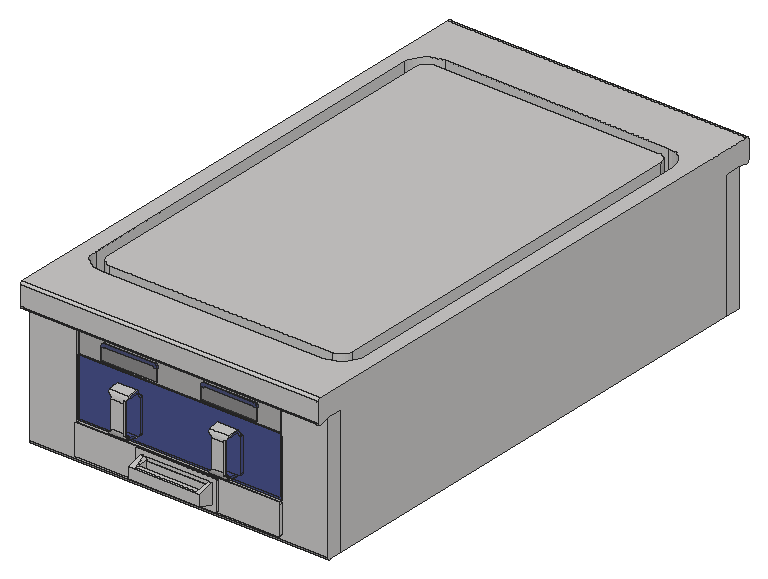
Revit family "QF_ELECTROLUXPROFESSIONAL_589126_MCTAAAEOAO", category Specialty Equipment, Revit 2018
Family settings
  Round Connector Dimension = Use Diameter
  Part Type = Normal
  Work Plane-Based = No
  Always vertical = Yes
  Cut with Voids When Loaded = No
  Shared = No
  Room Calculation Point = No
Parameters
  Weight in Pounds = 165.34
  Watts = 6000 VA  # 6000 W
  Volts = 400 V  # constant formula
  URL Cutsheet = ""
  Type Mark [instance] = ""
  Status [instance] = ""
  Specification by User [instance] = ""
  Specification by Manufacturer = ""
  Show Clearance [instance] = yes
  Serial Number = ""
  Seismic Rating = ""
  SMACNA No = ""
  Revision Code [instance] = ""
  Phase = 3  # constant formula
  Omniclass Number and Title = ""
  Number of Poles [instance] = 1
  NAFEM Spec ID Number = ""
  Model = "589126"
  Min Ckt Ampacity = 0 A
  Max Overcurrent Protection = 0 A
  Masterspec = ""
  Manufacturer = "ELECTROLUX"
  Item Number [instance] = ""
  Installed By [instance] = ""
  Identify Quantity as Lot [instance] = yes
  HP = "8 HP"
  Furnished By [instance] = ""
  Foodservice Equipment Identifier [instance] = yes
  FL Amps [instance] = if(Phase = 3, Watts / (Volts * 1.73), Watts / Volts)  # 8.67052 A
  Electrical Remarks = "400 V/3N ph/50/60 Hz"  # constant formula
  Electric Connection Type [instance] = ""
  Elec Conn RI Height [instance] = 0 mm
  Elec Conn Connection Height [instance] = 0 mm
  Direct Waste Size = 0"
  Description = "EL.FREE COOKING TOP,1-SIDE,500X900X250H"
  Cycle [instance] = if([60 Hertz Option], 60 Hz, 50 Hz)  # 60 Hz
  Conn Plug = ""
  Conn Conduit = yes
  CSI MasterFormat = ""
  CSI Master Format = ""
  Back Panel [instance] = yes
  Apparent Power [instance] = if(Phase = 3, Volts * FL Amps * 1.73, Volts * FL Amps)  # 6000 VA
  60 Hertz Option [instance] = not([50 Hertz Option])  # yes
  50 Hertz Option [instance] = no
Reference planes
  plane 1 "BACK": y = 0
  plane 2: z = 0
  plane 3 "LEFT": x = 0
  plane 4 "RIGHT": x = 500
  plane 5 "FRONT": y = -900
  plane 6 "TOP": z = 250
  plane 7: x = 250
  plane 8: y = -450
  plane 9: y = -1330
  plane 10: x = 455
Forms (mm)
  Extrusion 1, solid, material "QF_Finishes_Stainless Steel"
    sketch origin (0, -487.128, 0) x (0, 1, 0) y (0, 0, 1)
      loop
        line (483.128, 250) -> (-408.872, 250)
        arc (-408.872, 250) -> (-411.7, 248.828) -> (-412.872, 246) r 4
        line (-412.872, 246) -> (-412.872, 214)
        arc (-412.872, 214) -> (-411.437, 210.931) -> (-408.161, 210.064) r 4
        line (-408.161, 210.064) -> (-392.872, 213) -> (-367.872, 213) -> (-367.872, 0) -> (441.128, 0) -> (441.128, 213) -> (465.765, 213) -> (482.433, 210.061)
        arc (482.433, 210.061) -> (485.699, 210.936) -> (487.128, 214) r 4
        line (487.128, 214) -> (487.128, 246)
        arc (487.128, 246) -> (485.956, 248.828) -> (483.128, 250) r 4
    from 0 to 500
  Extrusion 2, solid, material "QF_Finishes_Stainless Steel", visible <- "Back Panel"
    sketch origin (0, 0, 0) x (0, 1, 0) y (0, 0, 1)
      loop
        line (-46, 0) -> (-20, 0) -> (-20, 213) -> (-46, 213) -> (-46, 0)
    from 0 to 500
  Extrusion 3, void
    sketch origin (653.786, 44.048, 250) x (1, 0, 0) y (0, -1, 0)
      loop
        line (-590.636, 133.048) -> (-216.936, 133.048)
        arc (-216.936, 133.048) -> (-189.96, 144.222) -> (-178.786, 171.198) r 38.15
        line (-178.786, 171.198) -> (-178.786, 816.572)
        arc (-178.786, 816.572) -> (-190.056, 843.779) -> (-217.263, 855.048) r 38.476
        line (-217.263, 855.048) -> (-591.786, 855.048)
        arc (-591.786, 855.048) -> (-617.949, 844.211) -> (-628.786, 818.048) r 37
        line (-628.786, 818.048) -> (-628.786, 171.198)
        arc (-628.786, 171.198) -> (-617.613, 144.222) -> (-590.636, 133.048) r 38.15
    from 0 to 37
  Extrusion 4, solid, material "QF_Finishes_Stainless Steel"
    sketch origin (0, -854, 0) x (1, 0, 0) y (0, -1, 0)
      loop
        circle (455, -169) r 6.35
    from 0 to 3.2
  Extrusion 5, solid, material "QF_Door-Drawer Clearances", visible <- "Show Clearance", detail levels coarse
    sketch origin (287.31, -882.593, 8.62) x (0, 0, 1) y (-1, 0, 0)
      loop
        line (1.973, -134.295) -> (49.317, -134.295)
        arc (49.317, -134.295) -> (50.776, -133.691) -> (51.38, -132.232) r 2.063
        line (51.38, -132.232) -> (51.38, 206.852)
        arc (51.38, 206.852) -> (50.88, 208.549) -> (49.541, 209.705) r 3.133
        line (49.541, 209.705) -> (3.067, 209.705)
        arc (3.067, 209.705) -> (0.898, 208.807) -> (0, 206.638) r 3.067
        line (0, 206.638) -> (0, -132.322)
        arc (0, -132.322) -> (0.578, -133.717) -> (1.973, -134.295) r 1.973
    from 0 to 447.407
  Extrusion 6, solid, material "QF_Finishes_Stainless Steel"
    sketch origin (653.786, 44.048, 213) x (1, 0, 0) y (0, 1, 0)
      loop
        line (-608.786, -171.198) -> (-608.786, -816.898)
        arc (-608.786, -816.898) -> (-603.47, -829.732) -> (-590.636, -835.048) r 18.15
        line (-590.636, -835.048) -> (-216.936, -835.048)
        arc (-216.936, -835.048) -> (-204.102, -829.732) -> (-198.786, -816.898) r 18.15
        line (-198.786, -816.898) -> (-198.786, -171.198)
        arc (-198.786, -171.198) -> (-204.102, -158.364) -> (-216.936, -153.048) r 18.15
        line (-216.936, -153.048) -> (-590.636, -153.048)
        arc (-590.636, -153.048) -> (-603.47, -158.364) -> (-608.786, -171.198) r 18.15
    from 0 to 37
Cuts and joins
  Extrusion 3 cuts Extrusion 1
Lines and regions (mm)
  symbolic lines
    curve 1: line (25, -774, 0) -> (25, -127.15, 0)
    curve 2: arc (25, -127.15, 0) -> (36.174, -100.174, 0) -> (63.15, -89, 0) r 38.15
    curve 3: line (63.15, -89, 0) -> (436.85, -89, 0)
    curve 4: arc (436.85, -89, 0) -> (463.826, -100.174, 0) -> (475, -127.15, 0) r 38.15
    curve 5: line (475, -127.15, 0) -> (475, -772.524, 0)
    curve 6: arc (475, -772.524, 0) -> (463.731, -799.731, 0) -> (436.524, -811, 0) r 38.476
    curve 7: line (436.524, -811, 0) -> (62, -811, 0)
    curve 8: arc (62, -811, 0) -> (35.837, -800.163, 0) -> (25, -774, 0) r 37
    curve 9: line (0, 0, 0) -> (500, 0, 0)
    curve 10: line (0, -900, 0) -> (0, 0, 0)
    curve 11: line (500, -900, 0) -> (0, -900, 0)
    curve 12: line (500, 0, 0) -> (500, -900, 0)
  symbolic lines, style "QF_Door-Drawer Clearances"
    curve 13: line (77.605, -1330, 0) -> (77.605, -900, 0)
    curve 14: line (77.605, -1330, 0) -> (421.605, -1330, 0)
    curve 15: line (421.605, -1330, 0) -> (421.605, -900, 0)
  symbolic lines, style "SpecialityEquipment"
    curve 16: line (455, -772.85, 0) -> (455, -127.15, 0)
    curve 17: arc (455, -127.15, 0) -> (449.684, -114.316, 0) -> (436.85, -109, 0) r 18.15
    curve 18: line (436.85, -109, 0) -> (63.15, -109, 0)
    curve 19: arc (63.15, -109, 0) -> (50.316, -114.316, 0) -> (45, -127.15, 0) r 18.15
    curve 20: line (45, -127.15, 0) -> (45, -772.85, 0)
    curve 21: arc (45, -772.85, 0) -> (50.316, -785.684, 0) -> (63.15, -791, 0) r 18.15
    curve 22: line (63.15, -791, 0) -> (436.85, -791, 0)
    curve 23: arc (436.85, -791, 0) -> (449.684, -785.684, 0) -> (455, -772.85, 0) r 18.15
Dimensions and locks
  plane 3 "LEFT" to plane 4 "RIGHT" = 500 mm
  plane 5 "FRONT" to plane 1 "BACK" = 900 mm
  equal spacing: plane 3 "LEFT", plane 7, plane 4 "RIGHT"
  equal spacing: plane 5 "FRONT", plane 8, plane 1 "BACK"
  plane 6 "TOP" to level = 250 mm  (x2)
  plane 1 "BACK" to plane 5 "FRONT" = 900 mm
  Extrusion 4 sketch curve to plane 1 "BACK" = 685 mm
  Extrusion 4 sketch curve to plane 4 "RIGHT" = 45 mm
  plane 5 "FRONT" to plane 9 = 430 mm
  plane 1 "BACK" to Extrusion 4 = 685 mm
  plane 10 to plane 4 "RIGHT" = 45 mm
  aligned and locked: level to plane 2
  aligned and locked: plane 7 to nested 1
  aligned and locked: Extrusion 5 to plane 9
  aligned and locked: Extrusion 1 to plane 4 "RIGHT"
Automatic sketch dimensions
  Extrusion 2 sketch curve to Extrusion 2 sketch curve = 26 mm
  plane 1 "BACK" to Extrusion 2 sketch curve = 20 mm
  Extrusion 1 sketch curve to plane 5 "FRONT" = 0 mm
  Extrusion 1 sketch curve to plane 6 "TOP" = 0 mm
  Extrusion 1 sketch curve to level = 0 mm
  Extrusion 1 sketch curve to plane 1 "BACK" = 0 mm
  Extrusion 1 sketch curve to plane 6 "TOP" = 37 mm  (x2)
  Extrusion 1 sketch curve to plane 5 "FRONT" = 4 mm
  Extrusion 1 sketch curve to plane 5 "FRONT" = 20 mm
  Extrusion 1 sketch curve to plane 5 "FRONT" = 45 mm
  plane 1 "BACK" to Extrusion 1 sketch curve = 21.363 mm
  plane 1 "BACK" to Extrusion 1 sketch curve = 4 mm  (x2)
  Extrusion 1 sketch curve to Extrusion 1 sketch curve = 4 mm
  Extrusion 1 sketch curve to Extrusion 1 sketch curve = 0.711 mm
  plane 1 "BACK" to Extrusion 1 sketch curve = 4.695 mm
  Extrusion 1 sketch curve to Extrusion 1 sketch curve = 0 mm  (x2)
  Extrusion 1 sketch curve to Extrusion 1 sketch curve = 1 mm  (x2)
  plane 1 "BACK" to Extrusion 1 sketch curve = 46 mm
  Extrusion 5 sketch curve to nested 1 = 1.973 mm
  Extrusion 5 sketch curve to nested 1 = 2.853 mm
  Extrusion 5 sketch curve to nested 1 = 1.839 mm
  Extrusion 1 to Extrusion 3 sketch curve = 25 mm  (x2)
  Extrusion 1 to Extrusion 3 sketch curve = 85 mm
  Extrusion 3 sketch curve to Extrusion 3 sketch curve = 37 mm
  Extrusion 3 sketch curve to Extrusion 3 sketch curve = 38.15 mm
  Extrusion 1 to Extrusion 3 sketch curve = 63.476 mm
  Extrusion 1 to Extrusion 3 sketch curve = 63.15 mm
  Extrusion 1 to Extrusion 3 sketch curve = 123.15 mm
  Extrusion 6 sketch curve to Extrusion 3 = 20 mm  (x3)
  Extrusion 6 sketch curve to Extrusion 3 = 38.15 mm  (x5)
  curve 2 to curve 19 = 0 mm  (x2)
  curve 4 to curve 17 = 0 mm  (x2)
  plane 1 "BACK" to curve 9 = 0 mm
  curve 9 to plane 4 "RIGHT" = 0 mm
  curve 14 to plane 9 = 0 mm
  curve 10 to plane 3 "LEFT" = 0 mm
  plane 5 "FRONT" to curve 10 = 0 mm
  plane 4 "RIGHT" to curve 5 = 25 mm
  curve 4 to curve 16 = 20 mm
  curve 16 to curve 18 = 18.15 mm
  curve 16 to curve 22 = 18.15 mm
  curve 23 to curve 7 = 0.326 mm
  plane 4 "RIGHT" to curve 14 = 78.395 mm
  plane 3 "LEFT" to curve 3 = 63.15 mm
  plane 3 "LEFT" to curve 22 = 63.15 mm
  curve 21 to curve 7 = 1.15 mm
  curve 2 to curve 20 = 18.15 mm
  plane 3 "LEFT" to curve 14 = 77.605 mm
  plane 1 "BACK" to curve 3 = 89 mm
  curve 5 to plane 5 "FRONT" = 127.476 mm
  curve 20 to curve 8 = 1.15 mm
  Extrusion 2 sketch curve to level = 0 mm
  Extrusion 2 sketch curve to plane 6 "TOP" = 37 mm
  radius of Extrusion 4 sketch curve = 6.35 mm
  radius of Extrusion 5 sketch curve to nested 1 = 0 mm  (x2)
Nested families
  nested 1: "EG_900_500_Double Front Panel with Center Grease Trap" at (202.376, -855, -650), type "EG_900_500_Double Front Panel with Center Grease Trap"
Connectors
  electrical at (455, -685, -3.2), driven by "Volts", driven by "Watts"
    settings: on Extrusion 4, index 1, voltage 400 V, apparent load 6000 VA, apparent load phase1 0 VA, apparent load phase2 0 VA, apparent load phase3 0 VA, power factor 1, load classification "Other", number of poles 1, system type 30, power factor state 1, is connector primary yes, connector utility no, sub classification motor no, connector description "ELECTRICAL CONNECTION"
Definition of nested family "EG_900_500_Double Front Panel with Center Grease Trap"
  Reference planes
    plane 1 "Center (Front/Back)": y = 0
    plane 2: z = 0
    plane 3 "Center (Left/Right)": x = 47.624
    plane 4: x = -202.376
    plane 5: x = 297.624
    plane 6: y = -45
  Forms (mm)
    Extrusion 1, solid
      sketch origin (833.217, 829.203, -1.25) x (0, 1, 0) y (0, 0, 1)
        loop
          arc (-854.203, 654.25) -> (-853.324, 652.129) -> (-851.203, 651.25) r 3
          line (-851.203, 651.25) -> (-829.203, 651.25) -> (-829.203, 864.25) -> (-854.203, 864.25) -> (-854.203, 654.25)
      from -1035.593 to -535.593
    Extrusion 2, void
      sketch origin (33.217, 829.203, -1.25) x (1, 0, 0) y (0, 0, 1)
        loop
          line (-157.593, 855.116) -> (-157.593, 713.116) -> (186.407, 713.116) -> (186.407, 855.116) -> (-157.593, 855.116)
      from 848.59 to 854.203
  Cuts and joins
    Extrusion 2 cuts Extrusion 1
  Dimensions and locks
    equal spacing: plane 5, plane 3 "Center (Left/Right)", plane 4
    plane 5 to plane 4 = 500 mm
    equal spacing: nested 4, nested 2, nested 1
    aligned and locked: cut or joined group of Extrusion 1, Extrusion 2 to plane 4
    aligned and locked: plane 5 to cut or joined group of Extrusion 1, Extrusion 2
    aligned and locked: plane 3 "Center (Left/Right)" to nested 2
    aligned and locked: cut or joined group of Extrusion 1, Extrusion 2 to nested 2
    aligned and locked: plane 3 "Center (Left/Right)" to nested 3
  Automatic sketch dimensions
    Extrusion 1 sketch curve to plane 1 "Center (Front/Back)" = 0 mm
    plane 1 "Center (Front/Back)" to Extrusion 1 sketch curve = 22 mm
    Extrusion 1 sketch curve to Extrusion 1 sketch curve = 3 mm
    level to Extrusion 1 sketch curve = 650 mm
    Extrusion 1 sketch curve to Extrusion 1 sketch curve = 210 mm
    plane 4 to Extrusion 2 sketch curve = 78 mm
    Extrusion 2 sketch curve to plane 5 = 78 mm
    level to Extrusion 2 sketch curve = 711.866 mm
    Extrusion 2 sketch curve to Extrusion 2 sketch curve = 142 mm
  Nested families
    nested 1: "Range Control Handle" at (-36.126, -28.137, -209.113) x (-1, 0, 0) z (0, 0, 1), type "Range Control Handle"
    nested 2: "glass conrol panel" at (47.624, 280.644, 2.752), type "glass conrol panel"
    nested 3: "grease trap door" at (115.223, -25, 0.608) x (-1, 0, 0) z (0, 0, 1), type "grease trap door"
    nested 4: "Range Control Handle" at (131.374, -28.137, -209.113), type "Range Control Handle"
  Definition of nested family "Range Control Handle"
    Reference planes
      plane 1 "Center (Front/Back)": y = 0
      plane 2: z = 0
      plane 3 "Center (Left/Right)": x = 0
      plane 4: z = 971.092
      plane 5: y = -16.9
    Forms (mm)
      Extrusion 1, solid
        sketch origin (-746.28, 380.497, 208.931) x (-1, 0, 0) y (0, 0, 1)
          loop
            line (-770.101, 786.798) -> (-770.101, 731.649)
            arc (-770.101, 731.649) -> (-769.759, 730.563) -> (-768.855, 729.87) r 1.893
            line (-768.855, 729.87) -> (-763.474, 727.911) -> (-729.81, 727.911) -> (-724.428, 729.87)
            arc (-724.428, 729.87) -> (-723.525, 730.563) -> (-723.183, 731.649) r 1.893
            line (-723.183, 731.649) -> (-723.183, 786.798)
            arc (-723.183, 786.798) -> (-723.529, 787.894) -> (-724.44, 788.593) r 1.91
            line (-724.44, 788.593) -> (-729.683, 790.819) -> (-763.601, 790.819) -> (-768.844, 788.593)
            arc (-768.844, 788.593) -> (-769.755, 787.894) -> (-770.101, 786.798) r 1.91
        from -382.35 to -378.852
      Sweep 2, solid
        path origin (-746.788, 380.496, 208.091) x (0, -1, 0) y (0, 0, 1)
          loop
            line (379.775, 793.281) -> (395.661, 791.048)
            arc (395.661, 791.048) -> (397.781, 787.377) -> (398.517, 783.202) r 12.207
            line (398.517, 783.202) -> (398.517, 737.368)
            arc (398.517, 737.368) -> (397.781, 733.193) -> (395.661, 729.522) r 12.207
            line (395.661, 729.522) -> (379.775, 727.289)
        profile origin (-746.788, -7.222, 1000.256) x (0, -0.139173, 0.990268) y (-1, 0, 0)
          loop
            line (0.782, -763.123) -> (0.782, -730.907) -> (-1.322, -730.907) -> (-1.322, -763.123) -> (0.782, -763.123)
      Sweep 3, solid
        path origin (-746.788, 380.715, 207.832) x (0, -1, 0) y (0, 0, 1)
          loop
            line (380.478, 795.442) -> (397.218, 793.09)
            arc (397.218, 793.09) -> (399.929, 788.473) -> (400.871, 783.202) r 15.207
            line (400.871, 783.202) -> (400.871, 737.584)
            arc (400.871, 737.584) -> (399.914, 732.274) -> (397.164, 727.633) r 15.207
            line (397.164, 727.633) -> (380.601, 725.305)
        profile origin (-746.788, -8.132, 1002.099) x (0, -0.139173, 0.990268) y (-1, 0, 0)
          loop
            line (0.782, -763.123) -> (0.782, -730.907) -> (-1.322, -730.907) -> (-1.322, -763.123) -> (0.782, -763.123)
      Extrusion 4, void
        sketch origin (889.253, 220.666, 207.993) x (1, 0, 0) y (0, 0, 1)
          loop
            line (-943.038, 816.854) -> (-943.038, 703.686) -> (-899.466, 734.196) -> (-899.466, 786.344) -> (-943.038, 816.854)
        from 230.636 to 242.25
      Extrusion 5, void
        sketch origin (-888.8, 220.666, 207.993) x (-1, 0, 0) y (0, 0, -1)
          loop
            line (-943.038, -816.854) -> (-899.466, -786.344) -> (-899.466, -734.196) -> (-943.038, -703.686) -> (-943.038, -816.854)
        from 230.636 to 242.25
      Extrusion 6, solid
        sketch origin (0, 0, 0) x (1, 0, 0) y (0, 0, 1)
          loop
            circle (0, 971.092) r 7.736
        from -3.137 to -1.645
    Cuts and joins
      Extrusion 4, Extrusion 5 cuts Sweep 3
      Extrusion 4, Extrusion 5 cuts Sweep 2
      joined: Extrusion 1, Extrusion 6
    Lines and regions (mm)
      symbolic lines
        curve 1: line (16.334, -16.9, 0) -> (16.334, -19.227, 0)
        curve 2: spline (16.334, -19.227, 0) -> (15.87, -19.385, 0) -> (15.404, -19.536, 0) -> (14.936, -19.678, 0) -> (14.466, -19.813, 0) -> (13.995, -19.94, 0) -> (13.523, -20.059, 0) -> (13.049, -20.171, 0) -> (12.575, -20.274, 0) -> (12.099, -20.37, 0) -> (11.622, -20.458, 0) -> (11.144, -20.537, 0) -> (10.666, -20.609, 0)
        curve 3: line (10.666, -16.9, 0) -> (10.666, -20.938, 0)
        curve 4: line (-10.213, -20.938, 0) -> (10.666, -20.938, 0)
        curve 5: line (-10.213, -20.938, 0) -> (-10.213, -16.9, 0)
        curve 6: spline (-10.213, -20.609, 0) -> (-10.691, -20.537, 0) -> (-11.169, -20.458, 0) -> (-11.646, -20.37, 0) -> (-12.122, -20.274, 0) -> (-12.597, -20.171, 0) -> (-13.07, -20.059, 0) -> (-13.542, -19.94, 0) -> (-14.013, -19.813, 0) -> (-14.483, -19.678, 0) -> (-14.951, -19.536, 0) -> (-15.417, -19.385, 0) -> (-15.881, -19.227, 0)
        curve 7: line (-15.881, -19.227, 0) -> (-15.881, -16.9, 0)
  Definition of nested family "glass conrol panel"
    Reference planes
      plane 1 "Center (Front/Back)": y = 0
      plane 2: z = 0
      plane 3 "Center (Left/Right)": x = 0
    Forms (mm)
      Extrusion 1, solid
        sketch origin (378.286, 0, 0.617) x (1, 0, 0) y (0, 0, 1)
          loop
            line (-550.286, 806.791) -> (-550.286, 708.497) -> (-206.286, 708.497) -> (-206.286, 806.791) -> (-550.286, 806.791)
        from 300.031 to 304.8
      Extrusion 2, solid
        sketch origin (378.286, 0, 0.617) x (1, 0, 0) y (0, 0, 1)
          loop
            line (-550.286, 850.497) -> (-550.286, 806.791) -> (-206.286, 806.791) -> (-206.286, 850.497) -> (-550.286, 850.497)
        from 300.031 to 304.8
      Extrusion 3, void
        sketch origin (378.286, 0, 0.617) x (1, 0, 0) y (0, 0, 1)
          loop
            line (-547.628, 847.565) -> (-547.628, 710.699) -> (-209.196, 710.699) -> (-209.196, 847.565) -> (-547.628, 847.565)
        from 303.697 to 304.8
      Extrusion 4, solid
        sketch origin (-392.059, 1.101, -0.633) x (-1, 0, 0) y (0, 0, -1)
          loop
            line (-261.431, -812.62) -> (-355.186, -812.62) -> (-355.186, -834.177) -> (-350.269, -834.177) -> (-348.469, -835.977) -> (-268.039, -835.977) -> (-266.24, -834.177) -> (-261.431, -834.177) -> (-261.431, -812.62)
        from 304.798 to 306.745
      Extrusion 5, solid
        sketch origin (-392.059, 1.101, -0.633) x (-1, 0, 0) y (0, 0, -1)
          loop
            line (-350.269, -834.177) -> (-355.078, -834.177)
            arc (-355.078, -834.177) -> (-353.942, -838.747) -> (-349.686, -840.763) r 5.5
            line (-349.686, -840.763) -> (-266.98, -840.763)
            arc (-266.98, -840.763) -> (-262.706, -838.752) -> (-261.529, -834.177) r 5.549
            line (-261.529, -834.177) -> (-266.24, -834.177) -> (-268.039, -835.977) -> (-348.469, -835.977) -> (-350.269, -834.177)
        from 304.798 to 306.745
      Extrusion 6, solid
        sketch origin (392.059, 1.101, -0.633) x (1, 0, 0) y (0, 0, 1)
          loop
            line (-261.431, 812.62) -> (-261.431, 834.177) -> (-266.24, 834.177) -> (-268.039, 835.977) -> (-348.469, 835.977) -> (-350.269, 834.177) -> (-355.186, 834.177) -> (-355.186, 812.62) -> (-261.431, 812.62)
        from 304.798 to 306.745
      Extrusion 7, solid
        sketch origin (392.059, 1.101, -0.633) x (1, 0, 0) y (0, 0, 1)
          loop
            line (-350.269, 834.177) -> (-348.469, 835.977) -> (-268.039, 835.977) -> (-266.24, 834.177) -> (-261.529, 834.177)
            arc (-261.529, 834.177) -> (-262.706, 838.752) -> (-266.98, 840.763) r 5.549
            line (-266.98, 840.763) -> (-349.686, 840.763)
            arc (-349.686, 840.763) -> (-353.942, 838.747) -> (-355.078, 834.177) r 5.5
            line (-355.078, 834.177) -> (-350.269, 834.177)
        from 304.798 to 306.745
    Cuts and joins
      Extrusion 3 cuts Extrusion 1
      Extrusion 3 cuts Extrusion 2
    Dimensions and locks
      aligned and locked: Extrusion 1 to Extrusion 2
      aligned and locked: Extrusion 5 sketch curve to Extrusion 4  (x5)
      aligned and locked: Extrusion 5 to Extrusion 4
      aligned and locked: Extrusion 7 sketch curve to Extrusion 6  (x4)
      aligned and locked: Extrusion 6 to Extrusion 7 sketch curve
      aligned and locked: Extrusion 7 to Extrusion 6
  Definition of nested family "grease trap door"
    Reference planes
      plane 1 "Center (Front/Back)": y = 0
      plane 2: z = 0
      plane 3 "Center (Left/Right)": x = 0
      plane 4: y = -20
    Forms (mm)
      Extrusion 1, solid
        sketch origin (1627.55, 854.203, -1.25) x (1, 0, 0) y (0, 0, 1)
          loop
            arc (-1627.55, 661.235) -> (-1626.972, 659.84) -> (-1625.577, 659.262) r 1.973
            line (-1625.577, 659.262) -> (-1494.325, 659.262)
            arc (-1494.325, 659.262) -> (-1492.156, 660.16) -> (-1491.258, 662.329) r 3.067
            line (-1491.258, 662.329) -> (-1491.258, 708.803)
            arc (-1491.258, 708.803) -> (-1492.414, 710.143) -> (-1494.111, 710.642) r 3.133
            line (-1494.111, 710.642) -> (-1625.486, 710.642)
            arc (-1625.486, 710.642) -> (-1626.945, 710.038) -> (-1627.55, 708.579) r 2.063
            line (-1627.55, 708.579) -> (-1627.55, 661.235)
        from 856.795 to 859.203
      Extrusion 2, solid
        sketch origin (445.874, 2476.61, 0) x (0, 1, 0) y (0, 0, 1)
          loop
            line (-2506.377, 675.273) -> (-2481.61, 667.505) -> (-2481.61, 700.995) -> (-2506.377, 693.227) -> (-2506.377, 675.273)
        from -437.68 to -317.68
      Extrusion 3, void
        sketch origin (1627.55, 854.203, -1.25) x (1, 0, 0) y (0, 0, 1)
          loop
            line (-1614.883, 703) -> (-1610.542, 695.433) -> (-1508.17, 695.433) -> (-1503.828, 703) -> (-1614.883, 703)
          loop
            line (-1614.883, 668) -> (-1502.669, 668) -> (-1507.01, 675.567) -> (-1610.542, 675.567) -> (-1614.883, 668)
        from 832.916 to 883.97
      Extrusion 4, void
        sketch origin (447.55, 854.203, -1.25) x (1, 0, 0) y (0, 0, 1)
          loop
            line (-430.542, 695.433) -> (-430.542, 675.567) -> (-328.17, 675.567) -> (-328.17, 695.433) -> (-430.542, 695.433)
        from 859.203 to 874.202
      Extrusion 5, solid
        sketch origin (1627.55, 854.203, -1.25) x (1, 0, 0) y (0, 0, 1)
          loop
            arc (-1731.556, 661.235) -> (-1730.978, 659.84) -> (-1729.583, 659.262) r 1.973
            line (-1729.583, 659.262) -> (-1390.623, 659.262)
            arc (-1390.623, 659.262) -> (-1388.454, 660.16) -> (-1387.556, 662.329) r 3.067
            line (-1387.556, 662.329) -> (-1387.556, 708.803)
            arc (-1387.556, 708.803) -> (-1388.712, 710.143) -> (-1390.409, 710.642) r 3.133
            line (-1390.409, 710.642) -> (-1729.493, 710.642)
            arc (-1729.493, 710.642) -> (-1730.952, 710.038) -> (-1731.556, 708.579) r 2.063
            line (-1731.556, 708.579) -> (-1731.556, 661.235)
        from 854.203 to 856.795
    Cuts and joins
      Extrusion 3 cuts Extrusion 1
      Extrusion 3, Extrusion 4 cuts Extrusion 2
      joined: Extrusion 1, Extrusion 2
    Lines and regions (mm)
      model lines
        curve 1: line (67.599, 0, 658.012) -> (67.599, 0, 709.392)
      symbolic lines
        curve 2: line (8.194, -20, 0) -> (8.194, -29.767, 0)
        curve 3: line (8.194, -29.767, 0) -> (128.194, -29.767, 0)
        curve 4: line (128.194, -29.767, 0) -> (128.194, -20, 0)
    Dimensions and locks
      aligned and locked: Extrusion 2 to Extrusion 1
      aligned and locked: Extrusion 3 to Extrusion 2
      aligned and locked: Extrusion 4 to Extrusion 1
